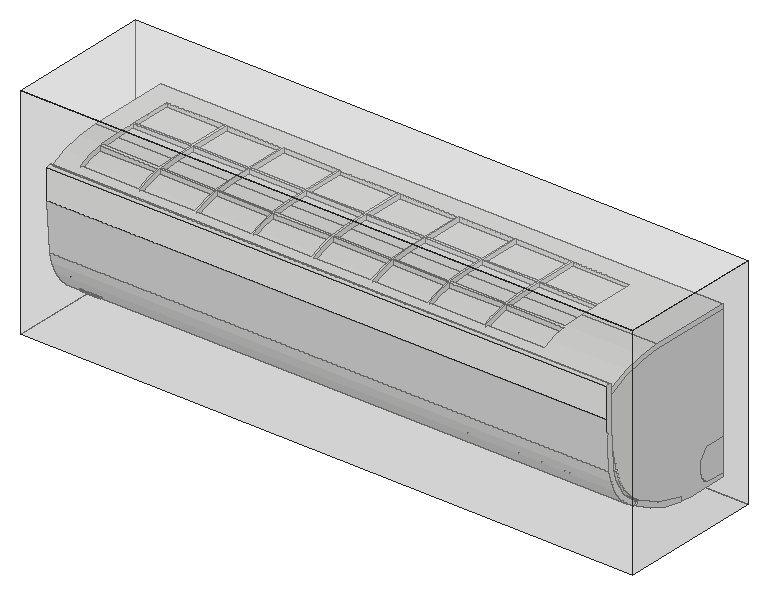
Revit family "outputfile", category 機械設備, Revit 2024
Family settings
  丸型コネクタ寸法 = 半径を使用
  パーツ タイプ = 標準
  OmniClass 番号 = 23.75.10.24.21.27.27
  OmniClass タイトル = Split System Air Conditioning Units
  作業面ベース = いいえ
  常に垂直 = はい
  ロード時にボイドで切り取り = いいえ
  注釈の向きを維持 = いいえ
  共有 = いいえ
  部屋計算ポイント = いいえ
Parameters (values of type "FXAQ63AVMS")
  Description = ""
  製造元 = "Daikin"
  書き出し IFC クラス(タイプ) = "IfcUnitaryEquipmentType"
  定義済み IFC タイプ(タイプ) = "AIRCONDITIONINGUNIT"
  Cost = 0
  モデル = "FXAQ63AVMS"
  Type Comments = ""
  Keynote = ""
  Type Image = (empty or 0)
  Assembly Code = ""
  w3_Indoor air flow = if(Width = 1050.0 mm, 109.0 mm, 1.0 mm)  # 109.0 mm
  w2_Indoor air flow = if(Width = 1050.0 mm, 103.0 mm, 98.0 mm)  # 103.0 mm
  w1_Indoor air flow = if(Width = 1050.0 mm, 108.0 mm, 103.0 mm)  # 108.0 mm
  r_Liquid Pipe Size = Liquid Pipe Size / 2  # 4.75 mm
  r_Gas Pipe Size = Gas Pipe Size / 2  # 7.95 mm
  r_Drain Pipe Size = Drain Pipe Size / 2  # 7.5 mm
  lw_powersupply [instance] = if(Width = 795.0 mm, if(or(Rear Right Connection_refrigerant, Bottom Right Connection_refrigerant), 83.0 mm, if(or(Rear Left Connection_refrigerant, Bottom Left Connection_refrigerant), 740.0 mm, 400.0 mm)), if(Width = 1050.0 mm, if(or(Rear Right Connection_refrigerant, Bottom Right Connection_refrigerant), 83.0 mm, if(or(Rear Left Connection_refrigerant, Bottom Left Connection_refrigerant), 712.0 mm + (1050.0 mm - 795.0 mm), 400.0 mm)), if(or(Rear Right Connection_refrigerant, Bottom Right Connection_refrigerant), 83.0 mm, if(or(Rear Left Connection_refrigerant, Bottom Left Connection_refrigerant), 712.0 mm, 400.0 mm))))  # 400.0 mm
  lw_liquidpipe [instance] = if(Width = 795.0 mm, if(or(Rear Right Connection_refrigerant, Bottom Right Connection_refrigerant), 0.0 mm, if(or(Rear Left Connection_refrigerant, Bottom Left Connection_refrigerant), 627.0 mm, 460.0 mm)), if(Width = 1050.0 mm, if(or(Rear Right Connection_refrigerant, Bottom Right Connection_refrigerant), 0.0 mm, if(or(Rear Left Connection_refrigerant, Bottom Left Connection_refrigerant), 627.0 mm + (1050.0 mm - 795.0 mm), 460.0 mm)), if(or(Rear Right Connection_refrigerant, Bottom Right Connection_refrigerant), 0.0 mm, if(or(Rear Left Connection_refrigerant, Bottom Left Connection_refrigerant), 627.0 mm, 460.0 mm))))  # 460.0 mm
  lw_gaspipe [instance] = if(Width = 795.0 mm, if(or(Rear Right Connection_refrigerant, Bottom Right Connection_refrigerant), 0.0 mm, if(or(Rear Left Connection_refrigerant, Bottom Left Connection_refrigerant), 620.0 mm, 415.0 mm)), if(Width = 1050.0 mm, if(or(Rear Right Connection_refrigerant, Bottom Right Connection_refrigerant), 0.0 mm, if(or(Rear Left Connection_refrigerant, Bottom Left Connection_refrigerant), 620.0 mm + (1050.0 mm - 795.0 mm), 415.0 mm)), if(or(Rear Right Connection_refrigerant, Bottom Right Connection_refrigerant), 0.0 mm, if(or(Rear Left Connection_refrigerant, Bottom Left Connection_refrigerant), 620.0 mm, 415.0 mm))))  # 415.0 mm
  lw_drainpipe [instance] = if(Width = 795.0 mm, if(or(Rear Right Connection_refrigerant, Bottom Right Connection_refrigerant), 0.0 mm, if(or(Rear Left Connection_refrigerant, Bottom Left Connection_refrigerant), 655.0 mm, 475.0 mm)), if(Width = 1050.0 mm, if(or(Rear Right Connection_refrigerant, Bottom Right Connection_refrigerant), 0.0 mm, if(or(Rear Left Connection_refrigerant, Bottom Left Connection_refrigerant), 655.0 mm + (1050.0 mm - 795.0 mm), 475.0 mm)), if(or(Rear Right Connection_refrigerant, Bottom Right Connection_refrigerant), 0.0 mm, if(or(Rear Left Connection_refrigerant, Bottom Left Connection_refrigerant), 655.0 mm, 475.0 mm))))  # 475.0 mm
  l_powersupply_length [instance] = if(Width = 795.0 mm, if(Right Connection_refrigerant, 400.0 mm, if(Left Connection_refrigerant, 395.0 mm, if(or(Rear Left Connection_refrigerant, Rear Right Connection_refrigerant), 15.0 mm, 50.0 mm))), if(Width = 1050.0 mm, if(Right Connection_refrigerant, 400.0 mm, if(Left Connection_refrigerant, 395.0 mm + (1050.0 mm - 795.0 mm), if(or(Rear Left Connection_refrigerant, Rear Right Connection_refrigerant), 15.0 mm, 50.0 mm))), if(Right Connection_refrigerant, 400.0 mm, if(Left Connection_refrigerant, 395.0 mm, if(or(Rear Left Connection_refrigerant, Rear Right Connection_refrigerant), 15.0 mm, 50.0 mm)))))  # 400.0 mm
  l_liquidpipe_length [instance] = if(Width = 795.0 mm, if(Right Connection_refrigerant, 558.0 mm, if(Left Connection_refrigerant, 237.0 mm, if(or(Rear Left Connection_refrigerant, Rear Right Connection_refrigerant), 30.0 mm, 40.0 mm))), if(Width = 1050.0 mm, if(Right Connection_refrigerant, 558.0 mm, if(Left Connection_refrigerant, 237.0 mm + (1050.0 mm - 795.0 mm), if(or(Rear Left Connection_refrigerant, Rear Right Connection_refrigerant), 30.0 mm, 40.0 mm))), if(Right Connection_refrigerant, 558.0 mm, if(Left Connection_refrigerant, 237.0 mm, if(or(Rear Left Connection_refrigerant, Rear Right Connection_refrigerant), 30.0 mm, 40.0 mm)))))  # 558.0 mm
  l_gaspipe_length [instance] = if(Width = 795.0 mm, if(Right Connection_refrigerant, 513.0 mm, if(Left Connection_refrigerant, 282.0 mm, if(or(Rear Left Connection_refrigerant, Rear Right Connection_refrigerant), 40.0 mm, 50.0 mm))), if(Width = 1050.0 mm, if(Right Connection_refrigerant, 513.0 mm, if(Left Connection_refrigerant, 282.0 mm + (1050.0 mm - 795.0 mm), if(or(Rear Left Connection_refrigerant, Rear Right Connection_refrigerant), 40.0 mm, 50.0 mm))), if(Right Connection_refrigerant, 513.0 mm, if(Left Connection_refrigerant, 282.0 mm, if(or(Rear Left Connection_refrigerant, Rear Right Connection_refrigerant), 40.0 mm, 50.0 mm)))))  # 513.0 mm
  l_drainpipe_length [instance] = if(Width = 795.0 mm, if(Right Connection_refrigerant, 573.0 mm, if(Left Connection_refrigerant, 222.0 mm, if(or(Rear Left Connection_refrigerant, Rear Right Connection_refrigerant), 15.0 mm, 20.0 mm))), if(Width = 1050.0 mm, if(Right Connection_refrigerant, 573.0 mm, if(Left Connection_refrigerant, 222.0 mm + (1050.0 mm - 795.0 mm), if(or(Rear Left Connection_refrigerant, Rear Right Connection_refrigerant), 15.0 mm, 20.0 mm))), if(Right Connection_refrigerant, 573.0 mm, if(Left Connection_refrigerant, 477.0 mm, if(or(Rear Left Connection_refrigerant, Rear Right Connection_refrigerant), 15.0 mm, 20.0 mm)))))  # 573.0 mm
  h*** = 0.0 mm  # constant formula
  d1_Indoor air flow = if(Width = 1050.0 mm, 38.0 mm, 35.0 mm)  # 38.0 mm
  angle_vertical [instance] = if(or(Bottom Left Connection_refrigerant, Bottom Right Connection_refrigerant), 0.00°, 90.00°)  # 90.00°
  angle_horizontal [instance] = if(Right Connection_refrigerant, 90.00°, if(Left Connection_refrigerant, -90.00°, if(or(Rear Left Connection_refrigerant, Rear Right Connection_refrigerant), 180.00°, 0.00°)))  # 90.00°
  Width = 1050.0 mm
  Voltage_comment_50Hz = "220-240"
  Voltage_50Hz = 230 V
  Version = "ver.1.0"
  Unit Type = "Wall Mounted Type"
  Unit Mass Weight = 15.00 kg
  Unit Designation [instance] = ""
  Uniclass2015Version = "Products v1.30"
  Uniclass2015Title = "Variable refrigerant flow units"
  Uniclass2015Code = "Pr_70_65_03_94"
  URL = ""
  Total Heating Capacity [instance] = 0.000 kW
  Total Cooling Capacity [instance] = 0.000 kW
  Sound Pressure Level_M speed (dBA) = 0
  Sound Pressure Level_L speed (dBA) = 38.5
  Sound Pressure Level_H speed (dBA) = 46.5
  Sound Power Level_H speed (dB) = 0
  Series = "VRV Fan Coil Unit"
  Sensible Cooling Capacity [instance] = 0.000 kW
  Refrigerant Type = "R410A"
  Power Input (Heating) = 0.110 kW
  Power Input (Cooling) = 0.100 kW
  Phase_50Hz = 1
  Option Accessory 3 [instance] = ""
  Option Accessory 2 [instance] = ""
  Option Accessory 1 [instance] = ""
  Nominal Heating Capacity = 8.000 kW
  Nominal Cooling Capacity = 7.100 kW
  Minimum Circuit Amps_50Hz = 0.7 A
  Minimum Airflow = 840.00 m³/h
  Median Airflow = 0.00 m³/h
  Maximum Fuse Amps_50Hz = 15.0 A
  Maximum Airflow = 1140.00 m³/h
  Material_Casing = DAIKIN_White_Casing_indoorunit
  Load Classification = HVAC
  Liquid Pipe Size = 9.5 mm
  Link_Nested Family [instance] = ""
  IfcVersion = "0"
  IfcExportType = "AIRCONDITIONINGUNIT"
  IfcExportAs = "IfcUnitaryEquipmentType"
  Height = 290.0 mm
  Heating Entering Wet Bulb Temperature [instance] = 0.00 °C
  Heating Entering Dry Bulb Temperature [instance] = 0.00 °C
  Heating Ambient Wet Bulb Temperature [instance] = 0.00 °C
  Heating Ambient Dry Bulb Temperature [instance] = 0.00 °C
  Heat Exchanger Type = "Cross Fin Coil"
  Gas Pipe Size = 15.9 mm
  Frequency_50Hz = 50 Hz
  Fan Type = "Cross Flow Fan"
  Fan Drive = "Direct Drive"
  FCU Tag No. [instance] = ""
  Drain Pipe Size = 15.0 mm
  Design Supply Airflow [instance] = 0.00 m³/h
  Depth = 269.0 mm
  既定の高さ = 0.0 mm
  Cooling Entering Wet Bulb Temperature [instance] = 0.00 °C
  Cooling Entering Dry Bulb Temperature [instance] = 0.00 °C
  Cooling Ambient Wet Bulb Temperature [instance] = 0.00 °C
  Cooling Ambient Dry Bulb Temperature [instance] = 0.00 °C
  Clearance visibility [instance] = yes
  Clearance Top = 90.0 mm
  Clearance Right = 50.0 mm
  Clearance Rear = 0.0 mm
  Clearance Left = 50.0 mm
  Clearance Front = 0.0 mm
  Clearance Bottom = 30.0 mm
  Bottom Right Connection_refrigerant [instance] = no
  Bottom Left Connection_refrigerant [instance] = no
  Rear Right Connection_refrigerant [instance] = no
  Rear Left Connection_refrigerant [instance] = no
  Right Connection_refrigerant [instance] = yes
  Left Connection_refrigerant [instance] = no
Reference planes
  plane 1 "Back": y = 0
  plane 2: z = 0
  plane 3 "Center (Left/Right)": x = 0
  plane 4 "Center (Front/Back)": y = -134.5
  plane 5 "Front": y = -269
  plane 6 "Left": x = -525
  plane 7 "Right": x = 525
  plane 8 "Top": z = 0
  plane 9 "Bottom": z = -290
  plane 10 "Front panel_Left": x = -523
  plane 11 "Front panel_Right": x = 523
  plane 12: x = 389
  plane 13: x = 384
  plane 14: x = -573
  plane 15: x = 573
  plane 16: y = 0
  plane 17: y = -269
  plane 18: z = 90
  plane 19: z = -320
  plane 20: y = -38
  plane 21: y = -114.5
  plane 22: y = -190.5
  plane 23: y = -240
  plane 24: y = -118
  plane 25: y = -194
  plane 26: x = -50
  plane 27: x = -52
  plane 28: x = -48
  plane 29: x = 60
  plane 30: x = -160
  plane 31: x = -163
  plane 32: x = 63
  plane 33: x = -266
  plane 34: x = 166
  plane 35: x = -269
  plane 36: x = 169
  plane 37: x = -372
  plane 38: x = 272
  plane 39: x = -375
  plane 40: x = 275
  plane 41: x = 384
  plane 42: x = -484
  plane 43 "lw_Piping and Wiring intake": x = 427
  plane 44 "lw_gaspipe": x = 12
  plane 45 "lw_liquidpipe": x = -33
  plane 46 "lw_drainpipe": x = -48
  plane 47 "lh_drainpipe": z = -270
  plane 48 "lh_liquidpipe": z = -250
  plane 49 "lh_gaspipe": z = -240
  plane 50 "ld_drainpipe": y = -15
  plane 51 "ld_liquidpipe": y = -30
  plane 52 "ld_gaspipe": y = -40
  plane 53 "lw_powersupply": x = 125
Forms (mm)
  Extrusion 1, solid, material "DAIKIN_White_Casing_indoorunit" <- "Material_Casing"
    sketch origin (0, 0, 0) x (0, 1, 0) y (0, 0, 1)
      loop
        line (0, 0) -> (-153.182, 0)
        arc (-153.182, 0) -> (-207.578, -6.929) -> (-258.5, -27.273) r 216.99
        line (-258.5, -27.273) -> (-258.5, -36.477)
        arc (-258.5, -36.477) -> (-207.732, -15.245) -> (-153.182, -8) r 208.99
        line (-153.182, -8) -> (0, -8) -> (0, 0)
    from -525 to 525
  Extrusion 2, solid, material "DAIKIN_White_Casing_indoorunit" <- "Material_Casing"
    sketch origin (0, 0, 0) x (0, 1, 0) y (0, 0, 1)
      loop
        arc (-153.182, -8) -> (-207.732, -15.245) -> (-258.5, -36.477) r 208.99
        line (-258.5, -36.477) -> (-258.5, -86.08)
        arc (-258.5, -86.08) -> (-255.889, -129.793) -> (-248.094, -172.885) r 367.242
        arc (-248.094, -172.885) -> (-229.647, -212.392) -> (-197.378, -241.715) r 110.72
        arc (-197.378, -241.715) -> (-148.03, -265.605) -> (-95.247, -280.433) r 310.126
        line (-95.247, -280.433) -> (-95.247, -288.232)
        arc (-95.247, -288.232) -> (-84.534, -289.557) -> (-73.748, -290) r 131.592
        line (-73.748, -290) -> (0, -290) -> (0, -8) -> (-153.182, -8)
    from -525 to 525
  Extrusion 3, solid, material "DAIKIN_White_Casing_indoorunit" <- "Material_Casing"
    sketch origin (525, 1296.25, 1200) x (0, 1, 0) y (0, 0, 1)
      loop
        line (-1491.901, -1442.741) -> (-1496.494, -1450.482)
        arc (-1496.494, -1450.482) -> (-1447.058, -1474.911) -> (-1393.497, -1488.023) r 252.452
        line (-1393.497, -1488.023) -> (-1393.497, -1480.051)
        arc (-1393.497, -1480.051) -> (-1444.293, -1465.6) -> (-1491.901, -1442.741) r 310.126
    from 0 to -40.5
  Extrusion 4, solid, material "DAIKIN_White_Casing_indoorunit" <- "Material_Casing"
    sketch origin (0, 0, 0) x (0, 1, 0) y (0, 0, 1)
      loop
        line (-260, -76.896) -> (-260, -19.457) -> (-261.688, -19.457)
        arc (-261.688, -19.457) -> (-265.551, -20.17) -> (-269, -22.048) r 12.48
        line (-269, -22.048) -> (-269, -76.896) -> (-260, -76.896)
    from -523 to 523
  Extrusion 5, solid, material "DAIKIN_White_Casing_indoorunit" <- "Material_Casing"
    sketch origin (0, 0, 0) x (0, 1, 0) y (0, 0, 1)
      loop
        arc (-269, -76.896) -> (-267.342, -121.828) -> (-262.378, -166.517) r 609.735
        line (-262.378, -166.517) -> (-253.471, -165.192)
        arc (-253.471, -165.192) -> (-258.366, -121.165) -> (-260, -76.896) r 600.314
        line (-260, -76.896) -> (-269, -76.896)
    from -523 to 523
  Extrusion 6, solid, material "DAIKIN_White_Casing_indoorunit" <- "Material_Casing"
    sketch origin (0, 0, 0) x (0, 1, 0) y (0, 0, 1)
      loop
        arc (-262.378, -166.517) -> (-243.331, -214.672) -> (-204.947, -249.433) r 114
        line (-204.947, -249.433) -> (-200.324, -241.643)
        arc (-200.324, -241.643) -> (-235.845, -209.638) -> (-253.471, -165.192) r 104.894
        line (-253.471, -165.192) -> (-262.378, -166.517)
    from -523 to 523
  Extrusion 7, solid, material "DAIKIN_White_Casing_indoorunit" <- "Material_Casing"
    sketch origin (-525, 1296.25, 1200) x (0, 1, 0) y (0, 0, 1)
      loop
        arc (-1496.494, -1450.482) -> (-1447.058, -1474.911) -> (-1393.497, -1488.023) r 252.452
        line (-1393.497, -1488.023) -> (-1393.497, -1480.051)
        arc (-1393.497, -1480.051) -> (-1444.293, -1465.6) -> (-1491.901, -1442.741) r 310.126
        line (-1491.901, -1442.741) -> (-1496.494, -1450.482)
    from 0 to 40.5
  Extrusion 8, solid, material "DAIKIN_White_Casing_indoorunit" <- "Material_Casing"
    sketch origin (0, 0, 0) x (0, 1, 0) y (0, 0, 1)
      loop
        arc (-134.549, -280.22) -> (-116.045, -284.826) -> (-97.247, -288.023) r 252.452
        line (-97.247, -288.023) -> (-97.247, -280.051)
        arc (-97.247, -280.051) -> (-114.669, -276.142) -> (-131.838, -271.237) r 310.126
        line (-131.838, -271.237) -> (-134.549, -280.22)
    from -484.5 to 484.5
  Extrusion 9, solid, material "DAIKIN_White_Casing_indoorunit" <- "Material_Casing"
    sketch origin (389, -1524, 1789.769) x (0, 0, 1) y (0, -1, 0)
      loop
        line (-2032.51, -1328.35) -> (-2040.251, -1323.756)
        arc (-2040.251, -1323.756) -> (-2050.358, -1341.058) -> (-2059.061, -1359.107) r 252.452
        line (-2059.061, -1359.107) -> (-2050.603, -1364.126)
        arc (-2050.603, -1364.126) -> (-2042.135, -1345.945) -> (-2032.51, -1328.35) r 310.126
    from 0 to 95.5
  Extrusion 10, solid, material "DAIKIN_White_Casing_indoorunit" <- "Material_Casing"
    sketch origin (389, -1524, 1789.769) x (0, 0, 1) y (0, -1, 0)
      loop
        arc (-2059.061, -1359.107) -> (-2065.01, -1374.104) -> (-2069.989, -1389.451) r 252.452
        line (-2069.989, -1389.451) -> (-2061.006, -1392.162)
        arc (-2061.006, -1392.162) -> (-2056.142, -1378.019) -> (-2050.603, -1364.126) r 310.126
        line (-2050.603, -1364.126) -> (-2059.061, -1359.107)
    from 0 to 95.5
  Extrusion 11, solid, material "DAIKIN_White_Casing_indoorunit" <- "Material_Casing"
    sketch origin (384, -1524, 1089.438) x (0, 0, 1) y (0, -1, 0)
      loop
        arc (-1350.272, -1364.126) -> (-1341.805, -1345.945) -> (-1332.179, -1328.35) r 310.126
        line (-1332.179, -1328.35) -> (-1339.92, -1323.756)
        arc (-1339.92, -1323.756) -> (-1350.027, -1341.058) -> (-1358.73, -1359.107) r 252.452
        line (-1358.73, -1359.107) -> (-1350.272, -1364.126)
    from 0 to -868.5
  Extrusion 12, solid, material "DAIKIN_White_Casing_indoorunit" <- "Material_Casing"
    sketch origin (384, -1524, 1089.438) x (0, 0, 1) y (0, -1, 0)
      loop
        arc (-1360.675, -1392.162) -> (-1355.812, -1378.019) -> (-1350.272, -1364.126) r 310.126
        line (-1350.272, -1364.126) -> (-1358.73, -1359.107)
        arc (-1358.73, -1359.107) -> (-1364.679, -1374.104) -> (-1369.658, -1389.451) r 252.452
        line (-1369.658, -1389.451) -> (-1360.675, -1392.162)
    from 0 to -868.5
  Extrusion 13, void
    sketch origin (0, 0, 0) x (-1, 0, 0) y (0, -1, 0)
      loop
        line (48, 38) -> (48, 114.5) -> (-60, 114.5) -> (-60, 38) -> (48, 38)
      loop
        line (-63, 38) -> (-63, 114.5) -> (-166, 114.5) -> (-166, 38) -> (-63, 38)
      loop
        line (-169, 38) -> (-169, 114.5) -> (-272, 114.5) -> (-272, 38) -> (-169, 38)
      loop
        line (-275, 38) -> (-275, 114.5) -> (-384, 114.5) -> (-384, 38) -> (-275, 38)
      loop
        line (160, 38) -> (160, 114.5) -> (52, 114.5) -> (52, 38) -> (160, 38)
      loop
        line (-275, 118) -> (-275, 190.5) -> (-384, 190.5) -> (-384, 118) -> (-275, 118)
      loop
        line (-275, 194) -> (-275, 240) -> (-384, 240) -> (-384, 194) -> (-275, 194)
      loop
        line (-169, 240) -> (-272, 240) -> (-272, 194) -> (-169, 194) -> (-169, 240)
      loop
        line (-63, 240) -> (-166, 240) -> (-166, 194) -> (-63, 194) -> (-63, 240)
      loop
        line (-60, 194) -> (48, 194) -> (48, 240) -> (-60, 240) -> (-60, 194)
      loop
        line (160, 240) -> (52, 240) -> (52, 194) -> (160, 194) -> (160, 240)
      loop
        line (266, 240) -> (163, 240) -> (163, 194) -> (266, 194) -> (266, 240)
      loop
        line (372, 240) -> (269, 240) -> (269, 194) -> (372, 194) -> (372, 240)
      loop
        line (163, 38) -> (266, 38) -> (266, 114.5) -> (163, 114.5) -> (163, 38)
      loop
        line (269, 38) -> (372, 38) -> (372, 114.5) -> (269, 114.5) -> (269, 38)
      loop
        line (372, 118) -> (372, 190.5) -> (269, 190.5) -> (269, 118) -> (372, 118)
      loop
        line (266, 118) -> (266, 190.5) -> (163, 190.5) -> (163, 118) -> (266, 118)
      loop
        line (160, 118) -> (160, 190.5) -> (52, 190.5) -> (52, 118) -> (160, 118)
      loop
        line (48, 118) -> (48, 190.5) -> (-60, 190.5) -> (-60, 118) -> (48, 118)
      loop
        line (-63, 118) -> (-63, 190.5) -> (-166, 190.5) -> (-166, 118) -> (-63, 118)
      loop
        line (-169, 118) -> (-169, 190.5) -> (-272, 190.5) -> (-272, 118) -> (-169, 118)
      loop
        line (375, 38) -> (484, 38) -> (484, 114.5) -> (375, 114.5) -> (375, 38)
      loop
        line (484, 118) -> (484, 190.5) -> (375, 190.5) -> (375, 118) -> (484, 118)
      loop
        line (484, 240) -> (375, 240) -> (375, 194) -> (484, 194) -> (484, 240)
    from 2 to -30
  Extrusion 14, solid, material "DAIKIN_White_Casing_indoorunit" <- "Material_Casing"
    sketch origin (0, 0, 0) x (1, 0, 0) y (0, 0, 1)
      loop
        circle (427, -246) r 40
      loop
        circle (-465, -246) r 40
    from 0 to 5
  Extrusion 15, solid, material "DAIKIN_White_Casing_indoorunit" <- "Material_Casing"
    sketch origin (525, 1296.25, 1200) x (0, -1, 0) y (0, 0, 1)
      loop
        line (1326.25, -1422) -> (1296.25, -1422) -> (1296.25, -1482) -> (1326.25, -1482)
        arc (1326.25, -1482) -> (1340.393, -1476.142) -> (1346.25, -1462) r 20
        line (1346.25, -1462) -> (1346.25, -1442)
        arc (1346.25, -1442) -> (1340.393, -1427.858) -> (1326.25, -1422) r 20
    from 0 to 5
  Extrusion 16, solid, material "DAIKIN_White_Casing_indoorunit" <- "Material_Casing"
    sketch origin (-525, 1296.25, 1200) x (0, 1, 0) y (0, 0, 1)
      loop
        line (-1296.25, -1422) -> (-1326.25, -1422)
        arc (-1326.25, -1422) -> (-1340.393, -1427.858) -> (-1346.25, -1442) r 20
        line (-1346.25, -1442) -> (-1346.25, -1462)
        arc (-1346.25, -1462) -> (-1340.393, -1476.142) -> (-1326.25, -1482) r 20
        line (-1326.25, -1482) -> (-1296.25, -1482) -> (-1296.25, -1422)
    from 0 to 5
  Extrusion 17, solid, material "DAIKIN_White_Casing_indoorunit" <- "Material_Casing"
    sketch origin (0, 0, -290) x (-1, 0, 0) y (0, -1, 0)
      loop
        line (-397, 0) -> (-397, 30)
        arc (-397, 30) -> (-402.858, 44.142) -> (-417, 50) r 20
        line (-417, 50) -> (-437, 50)
        arc (-437, 50) -> (-451.142, 44.142) -> (-457, 30) r 20
        line (-457, 30) -> (-457, 0) -> (-397, 0)
      loop
        line (495, 0) -> (495, 30)
        arc (495, 30) -> (489.142, 44.142) -> (475, 50) r 20
        line (475, 50) -> (455, 50)
        arc (455, 50) -> (440.858, 44.142) -> (435, 30) r 20
        line (435, 30) -> (435, 0) -> (495, 0)
    from 0 to 5
Cuts and joins
  joined: Extrusion 4, Extrusion 5, Extrusion 6
  joined: Extrusion 3, Extrusion 7, Extrusion 8
  Extrusion 13 cuts Extrusion 1
Lines and regions (mm)
  reference lines
    curve 1: line (-523, -230.394, -229.966) -> (-523, -223.117, -236.824)
Dimensions and locks
  equal spacing: plane 6 "Left", plane 3 "Center (Left/Right)", plane 7 "Right"
  "Width": plane 6 "Left" to plane 7 "Right"
  equal spacing: plane 5 "Front", plane 4 "Center (Front/Back)", plane 1 "Back"
  "Depth": plane 5 "Front" to plane 1 "Back"
  "Height": plane 8 "Top" to plane 9 "Bottom"
  locked: Extrusion 1 sketch curve to Extrusion 1 sketch curve at 8
  locked: Extrusion 2 sketch curve to plane 1 "Back" at 73.748
  locked: Extrusion 3 sketch curve to plane 1 "Back" at 97.247
  locked: Extrusion 4 sketch curve to Extrusion 4 sketch curve at 9
  locked: plane 8 "Top" to Extrusion 4 sketch curve at 19.457
  locked: plane 5 "Front" to Extrusion 6 sketch curve at 6.622
  locked: plane 5 "Front" to Extrusion 6 sketch curve at 15.529
  locked: plane 10 "Front panel_Left" to plane 6 "Left" at 2
  locked: plane 7 "Right" to plane 11 "Front panel_Right" at 2
  locked: cut or joined group of Extrusion 3, Extrusion 7, Extrusion 8 to Extrusion 9 sketch curve at 40
  locked: plane 7 "Right" to plane 12 at 136
  locked: plane 12 to plane 13 at 5
  "Clearance Left": plane 14 to plane 10 "Front panel_Left"
  "Clearance Right": plane 11 "Front panel_Right" to plane 15
  "Clearance Rear": plane 16 to plane 1 "Back"
  "Clearance Front": plane 17 to plane 5 "Front"
  "Clearance Top": plane 18 to plane 8 "Top"
  "Clearance Bottom": plane 9 "Bottom" to plane 19
  locked: nested 2 to plane 10 "Front panel_Left" at 50
  "d1_Indoor air flow": plane 20 to plane 1 "Back"
  locked: plane 20 to plane 21 at 76.5
  locked: plane 21 to plane 24 at 3.5
  locked: plane 24 to plane 22 at 72.5
  locked: plane 22 to plane 25 at 3.5
  locked: plane 25 to plane 23 at 46
  locked: plane 26 to plane 3 "Center (Left/Right)" at 50
  equal spacing: plane 27, plane 26, plane 28
  locked: plane 27 to plane 28 at 4
  "w1_Indoor air flow": plane 28 to plane 29
  "w1_Indoor air flow": plane 30 to plane 27
  locked: plane 31 to plane 30 at 3
  locked: plane 29 to plane 32 at 3
  "w2_Indoor air flow": plane 33 to plane 31
  "w2_Indoor air flow": plane 32 to plane 34
  locked: plane 35 to plane 33 at 3
  locked: plane 34 to plane 36 at 3
  locked: plane 37 to plane 35 at 103
  locked: plane 36 to plane 38 at 103
  locked: plane 39 to plane 37 at 3
  locked: plane 38 to plane 40 at 3
  "w3_Indoor air flow": plane 40 to plane 41
  "w3_Indoor air flow": plane 42 to plane 39
  locked: plane 9 "Bottom" to Extrusion 14 sketch curve at 44  (x2)
  locked: Extrusion 14 sketch curve to plane 6 "Left" at 60
  locked: plane 7 "Right" to Extrusion 14 sketch curve at 98
  locked: plane 43 "lw_Piping and Wiring intake" to plane 7 "Right" at 98
  "lw_gaspipe": plane 44 "lw_gaspipe" to plane 43 "lw_Piping and Wiring intake"
  "lw_liquidpipe": plane 45 "lw_liquidpipe" to plane 43 "lw_Piping and Wiring intake"
  "lw_drainpipe": plane 46 "lw_drainpipe" to plane 43 "lw_Piping and Wiring intake"
  locked: plane 47 "lh_drainpipe" to plane 9 "Bottom" at 20
  locked: plane 48 "lh_liquidpipe" to plane 9 "Bottom" at 40
  locked: plane 49 "lh_gaspipe" to plane 9 "Bottom" at 50
  locked: plane 50 "ld_drainpipe" to plane 1 "Back" at 15
  locked: plane 1 "Back" to plane 51 "ld_liquidpipe" at 30
  locked: plane 1 "Back" to plane 52 "ld_gaspipe" at 40
  Extrusion 15 sketch curve to Extrusion 15 sketch curve to plane 9 "Bottom" = 60.0 mm locked, 8.0 mm locked
  locked: Extrusion 15 sketch curve to Extrusion 15 sketch curve at 50
  locked: Extrusion 17 sketch curve to Extrusion 17 sketch curve at 60  (x2)
  locked: Extrusion 17 sketch curve to Extrusion 17 sketch curve at 50
  locked: Extrusion 17 sketch curve to plane 43 "lw_Piping and Wiring intake" at 30
  locked: plane 6 "Left" to Extrusion 17 sketch curve at 30
  "lw_powersupply": plane 53 "lw_powersupply" to plane 7 "Right"
  radius of Extrusion 5 sketch curve = 609.735 mm
  radius of Extrusion 5 sketch curve = 600.314 mm
  aligned and locked: level to plane 2
  aligned and locked: plane 8 "Top" to Extrusion 1 sketch curve
  aligned and locked: plane 1 "Back" to Extrusion 1 sketch curve
  aligned and locked: Extrusion 1 to plane 6 "Left"
  aligned and locked: plane 7 "Right" to Extrusion 1
  aligned and locked: Extrusion 2 sketch curve to Extrusion 1
  aligned and locked: Extrusion 1 to Extrusion 2 sketch curve
  aligned and locked: plane 1 "Back" to Extrusion 2 sketch curve
  aligned and locked: Extrusion 2 sketch curve to plane 9 "Bottom"
  aligned and locked: Extrusion 2 to plane 6 "Left"
  aligned and locked: plane 7 "Right" to Extrusion 2
  aligned and locked: Extrusion 3 sketch curve to Extrusion 2
  aligned and locked: plane 5 "Front" to Extrusion 4 sketch curve
  aligned and locked: Extrusion 5 sketch curve to Extrusion 4
  aligned and locked: Extrusion 6 sketch curve to Extrusion 5
  aligned and locked: cut or joined group of Extrusion 4, Extrusion 5, Extrusion 6 to plane 11 "Front panel_Right"  (x3)
  aligned and locked: plane 10 "Front panel_Left" to cut or joined group of Extrusion 4, Extrusion 5, Extrusion 6  (x3)
  aligned and locked: Extrusion 7 sketch curve to Extrusion 3  (x4)
  aligned and locked: Extrusion 8 sketch curve to Extrusion 3  (x3)
  aligned and locked: Extrusion 8 to Extrusion 3
  aligned and locked: Extrusion 8 to Extrusion 7
  aligned and locked: Extrusion 9 sketch curve to cut or joined group of Extrusion 3, Extrusion 7, Extrusion 8  (x3)
  aligned and locked: Extrusion 10 sketch curve to cut or joined group of Extrusion 3, Extrusion 7, Extrusion 8  (x3)
  aligned and locked: Extrusion 10 sketch curve to Extrusion 9
  aligned and locked: Extrusion 9 to cut or joined group of Extrusion 3, Extrusion 7, Extrusion 8
  aligned and locked: Extrusion 10 to cut or joined group of Extrusion 3, Extrusion 7, Extrusion 8
  aligned and locked: Extrusion 11 sketch curve to Extrusion 9  (x4)
  aligned and locked: Extrusion 11 to cut or joined group of Extrusion 3, Extrusion 7, Extrusion 8
  aligned and locked: Extrusion 12 sketch curve to Extrusion 10  (x4)
  aligned and locked: Extrusion 12 to cut or joined group of Extrusion 3, Extrusion 7, Extrusion 8
  aligned and locked: plane 16 to nested 1
  aligned and locked: nested 1 to plane 17
  aligned and locked: plane 14 to nested 1
  aligned and locked: plane 15 to nested 1
  aligned and locked: plane 19 to nested 1
  aligned and locked: plane 18 to nested 1
  aligned and locked: nested 2 to curve 1
  aligned and locked: Extrusion 13 sketch curve to plane 20  (x5)
  aligned and locked: plane 28 to Extrusion 13 sketch curve  (x2)
  aligned and locked: plane 21 to Extrusion 13 sketch curve  (x5)
  aligned and locked: Extrusion 13 sketch curve to plane 29  (x2)
  aligned and locked: plane 32 to Extrusion 13 sketch curve  (x2)
  aligned and locked: Extrusion 13 sketch curve to plane 34  (x2)
  aligned and locked: plane 36 to Extrusion 13 sketch curve  (x2)
  aligned and locked: Extrusion 13 sketch curve to plane 38  (x2)
  aligned and locked: plane 40 to Extrusion 13 sketch curve  (x3)
  aligned and locked: Extrusion 13 sketch curve to plane 41  (x3)
  aligned and locked: plane 30 to Extrusion 13 sketch curve  (x2)
  aligned and locked: Extrusion 13 sketch curve to plane 27  (x2)
  aligned and locked: Extrusion 13 sketch curve to plane 24  (x8)
  aligned and locked: plane 22 to Extrusion 13 sketch curve  (x8)
  aligned and locked: Extrusion 13 sketch curve to plane 25
  aligned and locked: plane 23 to Extrusion 13 sketch curve
  aligned and locked: Extrusion 13 sketch curve to plane 23  (x7)
  aligned and locked: Extrusion 13 sketch curve to plane 36
  aligned and locked: plane 25 to Extrusion 13 sketch curve  (x7)
  aligned and locked: plane 38 to Extrusion 13 sketch curve
  aligned and locked: Extrusion 13 sketch curve to plane 32
  aligned and locked: plane 34 to Extrusion 13 sketch curve
  aligned and locked: plane 29 to Extrusion 13 sketch curve
  aligned and locked: Extrusion 13 sketch curve to plane 28
  aligned and locked: Extrusion 13 sketch curve to plane 30
  aligned and locked: plane 27 to Extrusion 13 sketch curve
  aligned and locked: Extrusion 13 sketch curve to plane 33  (x2)
  aligned and locked: plane 31 to Extrusion 13 sketch curve  (x2)
  aligned and locked: Extrusion 13 sketch curve to plane 37  (x2)
  aligned and locked: plane 35 to Extrusion 13 sketch curve  (x2)
  aligned and locked: plane 20 to Extrusion 13 sketch curve  (x3)
  aligned and locked: Extrusion 13 sketch curve to plane 21  (x3)
  aligned and locked: plane 37 to Extrusion 13 sketch curve
  aligned and locked: Extrusion 13 sketch curve to plane 35
  aligned and locked: plane 33 to Extrusion 13 sketch curve
  aligned and locked: Extrusion 13 sketch curve to plane 31
  aligned and locked: plane 39 to Extrusion 13 sketch curve  (x2)
  aligned and locked: Extrusion 13 sketch curve to plane 42  (x2)
  aligned and locked: plane 42 to Extrusion 13 sketch curve
  aligned and locked: Extrusion 13 sketch curve to plane 39
  aligned and locked: plane 1 "Back" to Extrusion 15 sketch curve
  aligned and locked: Extrusion 16 sketch curve to Extrusion 15  (x4)
  aligned and locked: Extrusion 17 sketch curve to Extrusion 17 sketch curve  (x2)
  aligned and locked: plane 1 "Back" to Extrusion 17 sketch curve
  aligned and locked: plane 44 "lw_gaspipe" to nested 3
  aligned and locked: nested 3 to plane 52 "ld_gaspipe"
  aligned and locked: plane 45 "lw_liquidpipe" to nested 4
  aligned and locked: nested 4 to plane 51 "ld_liquidpipe"
  aligned and locked: plane 46 "lw_drainpipe" to nested 5
  aligned and locked: nested 5 to plane 50 "ld_drainpipe"
  aligned and locked: nested 6 to plane 50 "ld_drainpipe"
  aligned and locked: plane 53 "lw_powersupply" to nested 6
  aligned and locked: level to plane 8 "Top"
Automatic sketch dimensions
  Extrusion 1 sketch curve to plane 8 "Top" = 0.0 mm
  Extrusion 1 sketch curve to plane 4 "Center (Front/Back)" = 18.682 mm
  Extrusion 1 sketch curve to Extrusion 1 sketch curve = 9.205 mm
  Extrusion 1 sketch curve to Extrusion 1 sketch curve = 0.0 mm  (x3)
  Extrusion 1 sketch curve to plane 5 "Front" = 10.5 mm
  Extrusion 2 sketch curve to plane 4 "Center (Front/Back)" = 6.011 mm
  plane 9 "Bottom" to Extrusion 2 sketch curve = 9.567 mm
  Extrusion 2 sketch curve to Extrusion 2 sketch curve = 21.499 mm
  plane 1 "Back" to Extrusion 2 sketch curve = 38.095 mm
  Extrusion 2 sketch curve to plane 8 "Top" = 86.08 mm
  Extrusion 2 sketch curve to Extrusion 2 sketch curve = 7.799 mm
  Extrusion 2 sketch curve to Extrusion 2 sketch curve = 11.695 mm
  plane 8 "Top" to Extrusion 2 sketch curve = 24.382 mm
  Extrusion 2 sketch curve to Extrusion 2 sketch curve = 0.0 mm  (x2)
  Extrusion 4 sketch curve to Extrusion 4 sketch curve = 1.688 mm
  Extrusion 4 sketch curve to plane 5 "Front" = 7.618 mm
  Extrusion 4 sketch curve to Extrusion 4 sketch curve = 12.476 mm
  Extrusion 4 sketch curve to Extrusion 4 sketch curve = 44.963 mm
  Extrusion 5 sketch curve to Extrusion 5 sketch curve = 0.421 mm
  Extrusion 5 sketch curve to plane 5 "Front" = 6.622 mm
  Extrusion 5 sketch curve to Extrusion 5 sketch curve = 8.907 mm
  Extrusion 5 sketch curve to plane 5 "Front" = 0.0 mm
  plane 9 "Bottom" to Extrusion 6 sketch curve = 40.567 mm
  Extrusion 6 sketch curve to Extrusion 6 sketch curve = 4.622 mm
  Extrusion 6 sketch curve to Extrusion 6 sketch curve = 0.102 mm
  Extrusion 6 sketch curve to Extrusion 6 sketch curve = 0.003 mm
  Extrusion 6 sketch curve to Extrusion 6 sketch curve = 48.524 mm
  Extrusion 6 sketch curve to Extrusion 6 sketch curve = 50.607 mm
  plane 9 "Bottom" to Extrusion 3 sketch curve = 47.259 mm
  Extrusion 3 sketch curve to Extrusion 3 sketch curve = 4.593 mm
  plane 1 "Back" to Extrusion 3 sketch curve = 64.356 mm
  plane 9 "Bottom" to Extrusion 3 sketch curve = 1.977 mm
  Extrusion 3 sketch curve to Extrusion 3 sketch curve = 7.741 mm
  plane 4 "Center (Front/Back)" to Extrusion 8 sketch curve = 2.662 mm
  Extrusion 8 sketch curve to plane 4 "Center (Front/Back)" = 0.049 mm
  plane 9 "Bottom" to curve 1 = 53.176 mm
  curve 1 to plane 5 "Front" = 45.883 mm
  curve 1 to curve 1 = 6.859 mm
  curve 1 to curve 1 = 7.277 mm
  Extrusion 15 sketch curve to plane 51 "ld_liquidpipe" = 0.0 mm  (x2)
  Extrusion 17 sketch curve to plane 51 "ld_liquidpipe" = 0.0 mm  (x4)
  radius of Extrusion 14 sketch curve = 40.0 mm  (x2)
Nested families
  nested 1: "daikin_clearancespace" at (0, -134.5, -114.881), show <- "Clearance visibility", visible <- "Clearance visibility", Link_Nested Family <- "Link_Nested Family", type "daikin_clearancespace"
    with width 1146.0 mm, show yes, height 410.0 mm, depth 269.0 mm, Link_Nested Family ""
  nested 2: "daikin_logo_plane_w40" at (-473, -230.722, -229.657) x (1, 0, 0) z (0, -0.6859, -0.7277), type "daikin_logo_plane_w40"
    with show_logo yes
  nested 3: "daikin_connector_rotate3" at (12, -40, -240), angle_vertical <- "angle_vertical", angle_horizontal <- "angle_horizontal", length <- "l_gaspipe_length", radius <- "r_Gas Pipe Size", type "daikin_connector_rotate3"
    with show no, radius 7.95 mm, length 513.0 mm, angle_vertical 90.00°, angle_horizontal 90.00°
  nested 4: "daikin_connector_rotate3" at (-33, -30, -250), angle_vertical <- "angle_vertical", angle_horizontal <- "angle_horizontal", radius <- "r_Liquid Pipe Size", length <- "l_liquidpipe_length", type "daikin_connector_rotate3"
    with show no, radius 4.75 mm, length 558.0 mm, angle_vertical 90.00°, angle_horizontal 90.00°
  nested 5: "daikin_connector_rotate3" at (-48, -15, -270), angle_vertical <- "angle_vertical", angle_horizontal <- "angle_horizontal", length <- "l_drainpipe_length", radius <- "r_Drain Pipe Size", type "daikin_connector_rotate3"
    with show no, radius 7.5 mm, length 573.0 mm, angle_vertical 90.00°, angle_horizontal 90.00°
  nested 6: "daikin_connector_rotate3" at (125, -15, -240), angle_vertical <- "angle_vertical", angle_horizontal <- "angle_horizontal", length <- "l_powersupply_length", type "daikin_connector_rotate3"
    with show no, radius 10.0 mm, length 400.0 mm, angle_vertical 90.00°, angle_horizontal 90.00°
Connectors
  piping at (525, -40, -240), diameter 15.9, driven by "r_Gas Pipe Size"
    settings: on nested 3, index 1, connector inside diameter 609.6 mm, connector length 0.0 mm, flow factor 0, pipe flow 0.00 m³/h, pressure drop 0.0 Pa, fitting loss kfactor 0, connector angle 0.00°, fixture units 0, engagement length 0.0 mm, angle of deflection 0.00°, flow configuration 1, flow direction 2, fitting loss method 0, system type 29, joint type 0, gender type 0, connector reference index -1, connector utility 0, adjustable connector no, is connector primary yes, connector description "Refrigerant Gas Piping"
  piping at (525, -30, -250), diameter 9.5, driven by "r_Liquid Pipe Size"
    settings: on nested 4, index 2, connector inside diameter 609.6 mm, connector length 0.0 mm, flow factor 0, pipe flow 0.00 m³/h, pressure drop 0.0 Pa, fitting loss kfactor 0, connector angle 0.00°, fixture units 0, engagement length 0.0 mm, angle of deflection 0.00°, flow configuration 1, flow direction 1, fitting loss method 0, system type 29, joint type 0, gender type 0, connector reference index -1, connector utility 0, adjustable connector no, is connector primary no, connector description "Refrigerant Liquid Piping"
  piping at (525, -15, -270), diameter 15, driven by "r_Drain Pipe Size"
    settings: on nested 5, index 3, connector inside diameter 609.6 mm, connector length 0.0 mm, flow factor 0, pipe flow 0.00 m³/h, pressure drop 0.0 Pa, fitting loss kfactor 0, connector angle 0.00°, fixture units 0, engagement length 0.0 mm, angle of deflection 0.00°, flow configuration 1, flow direction 2, fitting loss method 4, system type 16, joint type 0, gender type 0, connector reference index -1, connector utility 0, adjustable connector no, is connector primary no, connector description "Condensate Drain Piping"
  electrical at (525, -15, -240), driven by "Load Classification"
    settings: on nested 6, index 4, voltage 0 V, apparent load 0 VA, apparent load phase1 0 VA, apparent load phase2 0 VA, apparent load phase3 0 VA, power factor 1, load classification "HVAC", number of poles 1, system type 30, power factor state 1, is connector primary yes, connector utility no, sub classification motor no, connector description "Power Supply"
Definition of nested family "daikin_clearancespace"
  Parameters (values of type "daikin_clearancespace")
    Description = "daikin_clearancespace"
    width [instance] = 1823.963 mm
    show [instance] = yes
    material = none
    height [instance] = 1359.762 mm
    depth [instance] = 880.0 mm
    Default Elevation = 0.0 mm
    Link_Nested Family [instance] = ""
  Reference planes
    plane 1 "Center (Front/Back)": y = 0
    plane 2 "Center (Elevation)": z = -0.119
    plane 3 "Center (Left/Right)": x = 0
    plane 4: y = 440
    plane 5: y = -440
    plane 6 "Right": x = 911.982
    plane 7 "Left": x = -911.982
    plane 8 "Top": z = 679.762
    plane 9 "Bottom": z = -680
  Forms (mm)
    Extrusion 1, solid, material <- "material", visible <- "show"
      sketch origin (0, 0, 0) x (1, 0, 0) y (0, 1, 0)
        loop
          line (-911.982, 440) -> (-911.982, -440) -> (911.982, -440) -> (911.982, 440) -> (-911.982, 440)
      from -680 to 679.762
  Lines and regions (mm)
    symbolic lines, visible <- "show"
      curve 1: line (911.982, 440, 0) -> (-911.982, 440, 0)
      curve 2: line (-911.982, 440, 0) -> (-911.982, -440, 0)
      curve 3: line (-911.982, -440, 0) -> (911.982, -440, 0)
      curve 4: line (911.982, -440, 0) -> (911.982, 440, 0)
      curve 5: line (911.982, 0, 679.762) -> (-911.982, 0, 679.762)
      curve 6: line (911.982, 0, -680) -> (911.982, 0, 679.762)
      curve 7: line (-911.982, 0, -680) -> (911.982, 0, -680)
      curve 8: line (-911.982, 0, 679.762) -> (-911.982, 0, -680)
      curve 9: line (0, 440, 679.762) -> (0, -440, 679.762)
      curve 10: line (0, -440, 679.762) -> (0, -440, -680)
      curve 11: line (0, 440, -680) -> (0, 440, 679.762)
      curve 12: line (0, -440, -680) -> (0, 440, -680)
  Dimensions and locks
    "width": plane 7 "Left" to plane 6 "Right"
    "depth": plane 4 to plane 5
    "height": plane 8 "Top" to plane 9 "Bottom"
    equal spacing: plane 7 "Left", plane 3 "Center (Left/Right)", plane 6 "Right"
    equal spacing: plane 4, plane 1 "Center (Front/Back)", plane 5
    equal spacing: plane 8 "Top", plane 2 "Center (Elevation)", plane 9 "Bottom"
    aligned and locked: level to plane 2 "Center (Elevation)"
    aligned and locked: Extrusion 1 sketch curve to plane 4
    aligned and locked: plane 7 "Left" to Extrusion 1 sketch curve
    aligned and locked: Extrusion 1 sketch curve to plane 5
    aligned and locked: Extrusion 1 sketch curve to plane 6 "Right"
    aligned and locked: plane 8 "Top" to Extrusion 1
    aligned and locked: curve 1 to Extrusion 1
    aligned and locked: curve 2 to Extrusion 1
    aligned and locked: curve 3 to Extrusion 1
    aligned and locked: curve 4 to Extrusion 1
    aligned and locked: curve 5 to Extrusion 1
    aligned and locked: curve 6 to Extrusion 1
    aligned and locked: curve 7 to Extrusion 1
    aligned and locked: curve 8 to Extrusion 1
    aligned and locked: curve 9 to Extrusion 1
    aligned and locked: curve 10 to Extrusion 1
    aligned and locked: curve 11 to Extrusion 1
    aligned and locked: curve 12 to Extrusion 1
    aligned and locked: Extrusion 1 to plane 9 "Bottom"
Definition of nested family "daikin_logo_plane_w40"
  Parameters (values of type "daikin_logo_plane_w40")
    width = 40.0 mm
    show_logo [instance] = yes
    material = none
    height = 0.0 mm
    depth = 0.0 mm
    Default Elevation = 1219.2 mm
  Reference planes
    plane 1 "Center (Front/Back)": y = 0
    plane 2: z = 0
    plane 3 "Center (Left/Right)": x = 0
    plane 4: z = 2
    plane 5 "left": x = -19
    plane 6: x = 19
  Forms (mm)
    Extrusion 1, solid, visible <- "show_logo"
      sketch origin (-19, 0, 0) x (1, 0, 0) y (0, 1, 0)
        loop
          line (8.902, -1.878) -> (7.789, -6.332) -> (11.13, -6.332)
          arc (11.13, -6.332) -> (12.454, -6.064) -> (13.472, -5.176) r 2.642
          arc (13.472, -5.176) -> (13.92, -4.02) -> (13.767, -2.79) r 2.537
          arc (13.767, -2.79) -> (13.452, -2.342) -> (12.982, -2.06) r 1.321
          arc (12.982, -2.06) -> (12.063, -1.902) -> (11.13, -1.878) r 6.479
          line (11.13, -1.878) -> (8.902, -1.878)
        loop
          line (10.016, -5.441) -> (10.907, -5.441)
          arc (10.907, -5.441) -> (11.591, -4.983) -> (11.988, -4.261) r 1.742
          spline (11.988, -4.261) -> (12.01, -4.155) -> (12.027, -4.03) -> (12.037, -3.893) -> (12.037, -3.747) -> (12.026, -3.598) -> (12.002, -3.451) -> (11.962, -3.31) -> (11.905, -3.181) -> (11.829, -3.069) -> (11.731, -2.978) -> (11.61, -2.913) -> (11.464, -2.88)
          line (11.464, -2.88) -> (10.573, -2.88) -> (10.016, -5.441)
        loop
          line (13.58, -6.332) -> (14.805, -6.332) -> (15.223, -5.553) -> (16.977, -5.553) -> (17.144, -6.332) -> (19.149, -6.332) -> (18.258, -1.878) -> (16.03, -1.878) -> (13.58, -6.332)
        loop
          line (16.476, -3.214) -> (15.76, -4.551) -> (16.762, -4.551) -> (16.476, -3.214)
        loop
          line (19.705, -6.332) -> (21.599, -6.332) -> (22.712, -1.878) -> (20.819, -1.878) -> (19.705, -6.332)
        loop
          line (22.712, -6.332) -> (24.606, -6.332) -> (24.908, -5.122) -> (25.831, -6.332) -> (28.17, -6.332) -> (26.388, -3.994) -> (28.949, -1.878) -> (26.945, -1.878) -> (25.401, -3.153) -> (25.719, -1.878) -> (23.826, -1.878) -> (22.712, -6.332)
        loop
          line (29.84, -1.878) -> (28.615, -6.332) -> (30.62, -6.332) -> (31.734, -1.878) -> (29.84, -1.878)
        loop
          line (31.734, -6.332) -> (33.07, -6.332) -> (33.7, -3.814) -> (34.518, -6.332) -> (36.745, -6.332) -> (37.859, -1.878) -> (36.523, -1.878) -> (35.845, -4.589) -> (34.963, -1.878) -> (32.847, -1.878) -> (31.734, -6.332)
      from 0 to 2
    Extrusion 2, solid, visible <- "show_logo"
      sketch origin (-19, 0, 0) x (1, 0, 0) y (0, 1, 0)
        loop
          line (8.7, 0) -> (4.235, 0) -> (0, -3.879) -> (0, -8) -> (8.7, 0)
      from 0 to 2
    Extrusion 3, solid, visible <- "show_logo"
      sketch origin (-19, 0, 0) x (1, 0, 0) y (0, 1, 0)
        loop
          line (0, 0) -> (0, -3.879) -> (4.235, 0) -> (0, 0)
      from 0 to 2
  Dimensions and locks
    plane 4 to plane 2 = 2.0 mm
    equal spacing: plane 5 "left", plane 3 "Center (Left/Right)", plane 6
    locked: plane 5 "left" to plane 6 at 38
    aligned and locked: level to plane 2
    aligned and locked: Extrusion 3 to plane 1 "Center (Front/Back)"  (x2)
    aligned and locked: Extrusion 2 to plane 1 "Center (Front/Back)"  (x2)
    aligned and locked: plane 4 to Extrusion 1
    aligned and locked: plane 4 to Extrusion 3
    aligned and locked: plane 4 to Extrusion 2
    aligned and locked: Extrusion 3 to plane 5 "left"
    aligned and locked: Extrusion 2 to plane 5 "left"
  Automatic sketch dimensions
    Extrusion 1 sketch curve to Extrusion 1 sketch curve = 0.901 mm
    Extrusion 1 sketch curve to Extrusion 1 sketch curve = 1.559 mm
    Extrusion 1 sketch curve to Extrusion 1 sketch curve = 1.327 mm
    Extrusion 1 sketch curve to Extrusion 1 sketch curve = 2.145 mm
    Extrusion 1 sketch curve to Extrusion 1 sketch curve = 1.448 mm
    Extrusion 1 sketch curve to Extrusion 1 sketch curve = 2.116 mm
    Extrusion 1 sketch curve to Extrusion 1 sketch curve = 1.114 mm  (x4)
    Extrusion 1 sketch curve to Extrusion 1 sketch curve = 1.336 mm  (x2)
    plane 1 "Center (Front/Back)" to Extrusion 1 sketch curve = 1.878 mm  (x5)
    Extrusion 1 sketch curve to Extrusion 1 sketch curve = 1.893 mm  (x5)
    Extrusion 1 sketch curve to Extrusion 1 sketch curve = 0.891 mm  (x4)
    Extrusion 1 sketch curve to Extrusion 1 sketch curve = 2.005 mm  (x3)
    Extrusion 1 sketch curve to Extrusion 1 sketch curve = 0.445 mm  (x2)
    plane 1 "Center (Front/Back)" to Extrusion 1 sketch curve = 3.994 mm
    Extrusion 1 sketch curve to Extrusion 1 sketch curve = 0.557 mm  (x2)
    Extrusion 1 sketch curve to Extrusion 1 sketch curve = 2.339 mm  (x2)
    Extrusion 1 sketch curve to Extrusion 1 sketch curve = 1.225 mm  (x3)
    plane 1 "Center (Front/Back)" to Extrusion 1 sketch curve = 3.153 mm
    Extrusion 1 sketch curve to Extrusion 1 sketch curve = 0.987 mm
    plane 1 "Center (Front/Back)" to Extrusion 1 sketch curve = 5.122 mm
    Extrusion 1 sketch curve to Extrusion 1 sketch curve = 0.922 mm
    plane 1 "Center (Front/Back)" to Extrusion 1 sketch curve = 6.332 mm
    Extrusion 1 sketch curve to Extrusion 1 sketch curve = 2.562 mm
    plane 1 "Center (Front/Back)" to Extrusion 1 sketch curve = 5.553 mm
    Extrusion 1 sketch curve to Extrusion 1 sketch curve = 0.167 mm
    Extrusion 1 sketch curve to Extrusion 1 sketch curve = 0.215 mm
    plane 1 "Center (Front/Back)" to Extrusion 1 sketch curve = 3.214 mm
    Extrusion 1 sketch curve to Extrusion 1 sketch curve = 0.286 mm
    plane 1 "Center (Front/Back)" to Extrusion 1 sketch curve = 4.551 mm
    Extrusion 1 sketch curve to Extrusion 1 sketch curve = 1.002 mm
    Extrusion 1 sketch curve to Extrusion 1 sketch curve = 0.537 mm
    Extrusion 1 sketch curve to Extrusion 1 sketch curve = 0.418 mm
    Extrusion 1 sketch curve to Extrusion 1 sketch curve = 1.028 mm
    plane 1 "Center (Front/Back)" to Extrusion 1 sketch curve = 4.261 mm
    Extrusion 1 sketch curve to Extrusion 1 sketch curve = 0.563 mm
    plane 1 "Center (Front/Back)" to Extrusion 1 sketch curve = 2.88 mm
    Extrusion 1 sketch curve to Extrusion 1 sketch curve = 1.088 mm
    Extrusion 1 sketch curve to Extrusion 1 sketch curve = 2.152 mm
    Extrusion 1 sketch curve to Extrusion 1 sketch curve = 0.586 mm
    Extrusion 1 sketch curve to Extrusion 1 sketch curve = 0.118 mm
    Extrusion 1 sketch curve to Extrusion 1 sketch curve = 0.298 mm
    Extrusion 1 sketch curve to Extrusion 1 sketch curve = 0.334 mm
    Extrusion 1 sketch curve to Extrusion 1 sketch curve = 0.223 mm
    Extrusion 1 sketch curve to Extrusion 1 sketch curve = 0.266 mm
    Extrusion 1 sketch curve to Extrusion 1 sketch curve = 1.671 mm
    Extrusion 1 sketch curve to Extrusion 1 sketch curve = 2.227 mm
    Extrusion 1 sketch curve to Extrusion 1 sketch curve = 0.0 mm  (x7)
    Extrusion 1 sketch curve to Extrusion 1 sketch curve = 3.453 mm
    Extrusion 1 sketch curve to Extrusion 1 sketch curve = 2.017 mm
    Extrusion 1 sketch curve to Extrusion 1 sketch curve = 0.78 mm  (x2)
    Extrusion 1 sketch curve to Extrusion 1 sketch curve = 1.743 mm
    Extrusion 1 sketch curve to Extrusion 1 sketch curve = 0.775 mm
    Extrusion 1 sketch curve to Extrusion 1 sketch curve = 0.552 mm
    Extrusion 1 sketch curve to Extrusion 1 sketch curve = 0.014 mm
    Extrusion 1 sketch curve to Extrusion 1 sketch curve = 0.952 mm
    Extrusion 1 sketch curve to Extrusion 1 sketch curve = 1.215 mm
    Extrusion 1 sketch curve to Extrusion 1 sketch curve = 0.108 mm
    plane 1 "Center (Front/Back)" to Extrusion 2 sketch curve = 0.0 mm
    Extrusion 2 sketch curve to plane 3 "Center (Left/Right)" = 19.0 mm
    Extrusion 2 sketch curve to plane 3 "Center (Left/Right)" = 14.765 mm
    Extrusion 2 sketch curve to Extrusion 2 sketch curve = 4.465 mm
    plane 1 "Center (Front/Back)" to Extrusion 2 sketch curve = 3.879 mm
    Extrusion 2 sketch curve to Extrusion 2 sketch curve = 4.12 mm
    plane 1 "Center (Front/Back)" to Extrusion 3 sketch curve = 0.0 mm
    Extrusion 3 sketch curve to plane 3 "Center (Left/Right)" = 19.0 mm
    Extrusion 3 sketch curve to plane 3 "Center (Left/Right)" = 14.765 mm
    plane 1 "Center (Front/Back)" to Extrusion 3 sketch curve = 3.879 mm
    Extrusion 1 sketch curve to plane 3 "Center (Left/Right)" = 11.211 mm
    Extrusion 1 sketch curve to Extrusion 1 sketch curve = 1.782 mm
Definition of nested family "daikin_connector_rotate3"
  Parameters (values of type "daikin_connector_rotate3")
    show [instance] = yes
    radius [instance] = 10.0 mm
    length [instance] = 600.0 mm
    angle_horizontal [instance] = 60.00°
    angle_vertical [instance] = 90.00°
    Default Elevation = 1219.2 mm
  Reference planes
    plane 1 "Center (Front/Back)": y = 0
    plane 2: z = 0
    plane 3 "Center (Left/Right)": x = 0
  Dimensions and locks
    "angle_horizontal": angle plane 3 "Center (Left/Right)" to nested 1
    aligned and locked: level to plane 2
    aligned and locked: plane 1 "Center (Front/Back)" to nested 1  (x2)
    aligned and locked: plane 3 "Center (Left/Right)" to nested 1
  Nested families
    nested 1: "daikin_connector_rotate2" at (0, 0, 0) x (0.5, 0.866, 0) z (0, 0, 1), angle_vertical <- "angle_vertical", length <- "length", radius <- "radius", type "daikin_connector_rotate2"
      with radius 10.0 mm, length 600.0 mm, angle_vertical 90.00°
  Definition of nested family "daikin_connector_rotate2"
    Parameters (values of type "daikin_connector_rotate2")
      show_face = yes
      radius [instance] = 10.0 mm
      length [instance] = 600.0 mm
      d_surface = 10.0 mm
      angle_vertical [instance] = 90.00°
      Default Elevation = 0.0 mm
    Reference planes
      plane 1 "Center (Front/Back)": y = 0
      plane 2: z = 0
      plane 3 "Center (Left/Right)": x = 0
    Forms (mm)
      Extrusion 1, solid, visible <- "show_face"
        sketch origin (0, -600, 0) x (1, 0, 0) y (0, 0, 1)
          loop
            circle (0, 0) r 10
        from 0 to -10
    Lines and regions (mm)
      reference lines
        curve 1: line (0, 0, 0) -> (0, -600, 0)
      symbolic lines
        curve 2: circle (0, 0, 0) r 5 normal (0, 0, 1)
      model lines, visible <- "show_face"
        curve 3: line (0, 0, 0) -> (0, -600, 0)
    Dimensions and locks
      "length": curve 1 to curve 1
      "length": curve 3 to curve 3
      "d_surface": Extrusion 1 to Extrusion 1
      "radius": radius of Extrusion 1 sketch curve
      "angle_vertical": angle curve 1 to plane 1 "Center (Front/Back)"
      "angle_vertical": angle curve 3 to plane 1 "Center (Front/Back)"
      aligned and locked: level to plane 2
      aligned and locked: plane 1 "Center (Front/Back)" to curve 1
      aligned and locked: plane 2 to curve 1
      aligned and locked: plane 1 "Center (Front/Back)" to curve 2
      aligned and locked: plane 3 "Center (Left/Right)" to curve 2
      aligned and locked: plane 1 "Center (Front/Back)" to curve 3
      aligned and locked: plane 2 to curve 3
      aligned and locked: Extrusion 1 to Extrusion 1
    Automatic sketch dimensions
      Extrusion 1 sketch curve to level = 0.0 mm
      Extrusion 1 sketch curve to plane 3 "Center (Left/Right)" = 0.0 mm
      radius of curve 2 = 5.0 mm
